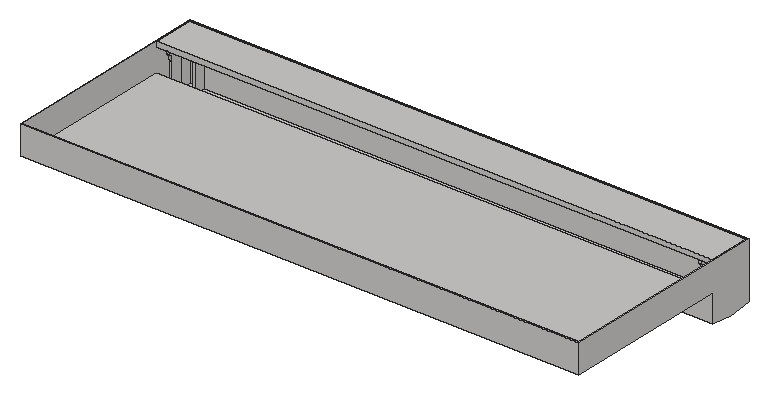
Revit family "PF_ST_RainTrak-E_ACO", category Plumbing Fixtures, Revit 2016
Family settings
  Part Type = Normal
  Round Connector Dimension = Use Diameter
  OmniClass Number = 23.70.50.24
  OmniClass Title = Rainwater Removal
  Work Plane-Based = Yes
  Always vertical = Yes
  Cut with Voids When Loaded = Yes
  Shared = No
  Room Calculation Point = No
Parameters (values of type "RainTrak-E-75mm width")
  width_C_ANZRS [instance] = if(type_index = 1, 75 mm, if(type_index = 2, 100 mm, if(type_index = 3, 123 mm, 0 mm)))  # 75 mm
  type_index = 1
  sill_depth01 [instance] = depth_01_C_ANZRS - channel_depth - 5.3 mm  # 40 mm
  sill_depth [instance] = 50 mm
  region_index = 1  # constant formula
  product_index [instance] = size_lookup(lookup_table_name, "pi", 0, type_index, grating_index)  # 2
  product_assortment_C_ANZRS [instance] = "RainTrak"  # constant formula
  outlet_number [instance] = 1
  outlet_dia [instance] = 50 mm
  min_end_dist [instance] = length_01_C_ANZRS - diameter_calculated  # 949.2 mm
  material_C_ANZRS [instance] = Steel, Stainless
  lookup_table_name [instance] = "RainTrak E"  # constant formula
  length_01_C_ANZRS [instance] = channel_length  # 1000 mm
  gratings [instance] = gratings_RainTrak E : Affiner_grating
  grating_length [instance] = channel_length - 3 mm  # 997 mm
  grating_index [instance] = if(gratings = gm_type1, 1, if(gratings = gm_type2, 2, 0))  # 2
  gm_type2 [instance] = gratings_RainTrak E : Affiner_grating
  gm_type1 [instance] = gratings_RainTrak E : Linéaire_grating
  e-mail sales = "sales@acoaus.com.au"
  e-mail Technical = "sales@acoaus.com.au"
  drain_position_calculated_9 [instance] = if(or(outlet_number = 9, outlet_number > 9), (if(or(drain_position_9 < 0 mm, drain_position_9 = 0 mm), (drain_position_calculated_8 + (1.5 * diameter_calculated)), if(and(drain_position_9 > 0 mm, drain_position_9 < (drain_position_calculated_8 + (1.5 * diameter_calculated)) + 0.1 mm), (drain_position_calculated_8 + (1.5 * diameter_calculated)), if(and(drain_position_9 > (drain_position_calculated_8 + (1.5 * diameter_calculated)), drain_position_9 < min_end_dist + 0.1 mm), drain_position_9, if(and(drain_position_9 > (drain_position_calculated_8 + (1.5 * diameter_calculated)), drain_position_9 < length_01_C_ANZRS), min_end_dist, (if(or(drain_position_9 > length_01_C_ANZRS, drain_position_9 = length_01_C_ANZRS), min_end_dist, drain_position_9 - diameter_calculated))))))), length_01_C_ANZRS + 100 mm)  # 1100 mm
  drain_position_calculated_8 [instance] = if(or(outlet_number = 8, outlet_number > 8), (if(or(drain_position_8 < 0 mm, drain_position_8 = 0 mm), (drain_position_calculated_7 + (1.5 * diameter_calculated)), if(and(drain_position_8 > 0 mm, drain_position_8 < (drain_position_calculated_7 + (1.5 * diameter_calculated)) + 0.1 mm), (drain_position_calculated_7 + (1.5 * diameter_calculated)), if(and(drain_position_8 > (drain_position_calculated_7 + (1.5 * diameter_calculated)), drain_position_8 < min_end_dist + 0.1 mm), drain_position_8, if(and(drain_position_8 > (drain_position_calculated_7 + (1.5 * diameter_calculated)), drain_position_8 < length_01_C_ANZRS), min_end_dist, (if(or(drain_position_8 > length_01_C_ANZRS, drain_position_8 = length_01_C_ANZRS), min_end_dist, drain_position_8 - diameter_calculated))))))), length_01_C_ANZRS + 100 mm)  # 1100 mm
  drain_position_calculated_7 [instance] = if(or(outlet_number = 7, outlet_number > 7), (if(or(drain_position_7 < 0 mm, drain_position_7 = 0 mm), (drain_position_calculated_6 + (1.5 * diameter_calculated)), if(and(drain_position_7 > 0 mm, drain_position_7 < (drain_position_calculated_6 + (1.5 * diameter_calculated)) + 0.1 mm), (drain_position_calculated_6 + (1.5 * diameter_calculated)), if(and(drain_position_7 > (drain_position_calculated_6 + (1.5 * diameter_calculated)), drain_position_7 < min_end_dist + 0.1 mm), drain_position_7, if(and(drain_position_7 > (drain_position_calculated_6 + (1.5 * diameter_calculated)), drain_position_7 < length_01_C_ANZRS), min_end_dist, (if(or(drain_position_7 > length_01_C_ANZRS, drain_position_7 = length_01_C_ANZRS), min_end_dist, drain_position_7 - diameter_calculated))))))), length_01_C_ANZRS + 100 mm)  # 1100 mm
  drain_position_calculated_6 [instance] = if(or(outlet_number = 6, outlet_number > 6), (if(or(drain_position_6 < 0 mm, drain_position_6 = 0 mm), (drain_position_calculated_5 + (1.5 * diameter_calculated)), if(and(drain_position_6 > 0 mm, drain_position_6 < (drain_position_calculated_5 + (1.5 * diameter_calculated)) + 0.1 mm), (drain_position_calculated_5 + (1.5 * diameter_calculated)), if(and(drain_position_6 > (drain_position_calculated_5 + (1.5 * diameter_calculated)), drain_position_6 < min_end_dist + 0.1 mm), drain_position_6, if(and(drain_position_6 > (drain_position_calculated_5 + (1.5 * diameter_calculated)), drain_position_6 < length_01_C_ANZRS), min_end_dist, (if(or(drain_position_6 > length_01_C_ANZRS, drain_position_6 = length_01_C_ANZRS), min_end_dist, drain_position_6 - diameter_calculated))))))), length_01_C_ANZRS + 100 mm)  # 1100 mm
  drain_position_calculated_5 [instance] = if(or(outlet_number = 5, outlet_number > 5), (if(or(drain_position_5 < 0 mm, drain_position_5 = 0 mm), (drain_position_calculated_4 + (1.5 * diameter_calculated)), if(and(drain_position_5 > 0 mm, drain_position_5 < (drain_position_calculated_4 + (1.5 * diameter_calculated)) + 0.1 mm), (drain_position_calculated_4 + (1.5 * diameter_calculated)), if(and(drain_position_5 > (drain_position_calculated_4 + (1.5 * diameter_calculated)), drain_position_5 < min_end_dist + 0.1 mm), drain_position_5, if(and(drain_position_5 > (drain_position_calculated_4 + (1.5 * diameter_calculated)), drain_position_5 < length_01_C_ANZRS), min_end_dist, (if(or(drain_position_5 > length_01_C_ANZRS, drain_position_5 = length_01_C_ANZRS), min_end_dist, drain_position_5 - diameter_calculated))))))), length_01_C_ANZRS + 100 mm)  # 1100 mm
  drain_position_calculated_4 [instance] = if(or(outlet_number = 4, outlet_number > 4), (if(or(drain_position_4 < 0 mm, drain_position_4 = 0 mm), (drain_position_calculated_3 + (1.5 * diameter_calculated)), if(and(drain_position_4 > 0 mm, drain_position_4 < (drain_position_calculated_3 + (1.5 * diameter_calculated)) + 0.1 mm), (drain_position_calculated_3 + (1.5 * diameter_calculated)), if(and(drain_position_4 > (drain_position_calculated_3 + (1.5 * diameter_calculated)), drain_position_4 < min_end_dist + 0.1 mm), drain_position_4, if(and(drain_position_4 > (drain_position_calculated_3 + (1.5 * diameter_calculated)), drain_position_4 < length_01_C_ANZRS), min_end_dist, (if(or(drain_position_4 > length_01_C_ANZRS, drain_position_4 = length_01_C_ANZRS), min_end_dist, drain_position_4 - diameter_calculated))))))), length_01_C_ANZRS + 100 mm)  # 1100 mm
  drain_position_calculated_30 [instance] = if(or(outlet_number = 30, outlet_number > 30), (if(or(drain_position_30 < 0 mm, drain_position_30 = 0 mm), (drain_position_calculated_29 + (1.5 * diameter_calculated)), if(and(drain_position_30 > 0 mm, drain_position_30 < (drain_position_calculated_29 + (1.5 * diameter_calculated)) + 0.1 mm), (drain_position_calculated_29 + (1.5 * diameter_calculated)), if(and(drain_position_30 > (drain_position_calculated_29 + (1.5 * diameter_calculated)), drain_position_30 < min_end_dist + 0.1 mm), drain_position_30, if(and(drain_position_30 > (drain_position_calculated_29 + (1.5 * diameter_calculated)), drain_position_30 < length_01_C_ANZRS), min_end_dist, (if(or(drain_position_30 > length_01_C_ANZRS, drain_position_30 = length_01_C_ANZRS), min_end_dist, drain_position_30 - diameter_calculated))))))), length_01_C_ANZRS + 100 mm)  # 1100 mm
  drain_position_calculated_3 [instance] = if(or(outlet_number = 3, outlet_number > 3), (if(or(drain_position_3 < 0 mm, drain_position_3 = 0 mm), (drain_position_calculated_2 + (1.5 * diameter_calculated)), if(and(drain_position_3 > 0 mm, drain_position_3 < (drain_position_calculated_2 + (1.5 * diameter_calculated)) + 0.1 mm), (drain_position_calculated_2 + (1.5 * diameter_calculated)), if(and(drain_position_3 > (drain_position_calculated_2 + (1.5 * diameter_calculated)), drain_position_3 < min_end_dist + 0.1 mm), drain_position_3, if(and(drain_position_3 > (drain_position_calculated_2 + (1.5 * diameter_calculated)), drain_position_3 < length_01_C_ANZRS), min_end_dist, (if(or(drain_position_3 > length_01_C_ANZRS, drain_position_3 = length_01_C_ANZRS), min_end_dist, drain_position_3 - diameter_calculated))))))), length_01_C_ANZRS + 100 mm)  # 1100 mm
  drain_position_calculated_29 [instance] = if(or(outlet_number = 29, outlet_number > 29), (if(or(drain_position_29 < 0 mm, drain_position_29 = 0 mm), (drain_position_calculated_28 + (1.5 * diameter_calculated)), if(and(drain_position_29 > 0 mm, drain_position_29 < (drain_position_calculated_28 + (1.5 * diameter_calculated)) + 0.1 mm), (drain_position_calculated_28 + (1.5 * diameter_calculated)), if(and(drain_position_29 > (drain_position_calculated_28 + (1.5 * diameter_calculated)), drain_position_29 < min_end_dist + 0.1 mm), drain_position_29, if(and(drain_position_29 > (drain_position_calculated_28 + (1.5 * diameter_calculated)), drain_position_29 < length_01_C_ANZRS), min_end_dist, (if(or(drain_position_29 > length_01_C_ANZRS, drain_position_29 = length_01_C_ANZRS), min_end_dist, drain_position_29 - diameter_calculated))))))), length_01_C_ANZRS + 100 mm)  # 1100 mm
  drain_position_calculated_28 [instance] = if(or(outlet_number = 28, outlet_number > 28), (if(or(drain_position_28 < 0 mm, drain_position_28 = 0 mm), (drain_position_calculated_27 + (1.5 * diameter_calculated)), if(and(drain_position_28 > 0 mm, drain_position_28 < (drain_position_calculated_27 + (1.5 * diameter_calculated)) + 0.1 mm), (drain_position_calculated_27 + (1.5 * diameter_calculated)), if(and(drain_position_28 > (drain_position_calculated_27 + (1.5 * diameter_calculated)), drain_position_28 < min_end_dist + 0.1 mm), drain_position_28, if(and(drain_position_28 > (drain_position_calculated_27 + (1.5 * diameter_calculated)), drain_position_28 < length_01_C_ANZRS), min_end_dist, (if(or(drain_position_28 > length_01_C_ANZRS, drain_position_28 = length_01_C_ANZRS), min_end_dist, drain_position_28 - diameter_calculated))))))), length_01_C_ANZRS + 100 mm)  # 1100 mm
  drain_position_calculated_27 [instance] = if(or(outlet_number = 27, outlet_number > 27), (if(or(drain_position_27 < 0 mm, drain_position_27 = 0 mm), (drain_position_calculated_26 + (1.5 * diameter_calculated)), if(and(drain_position_27 > 0 mm, drain_position_27 < (drain_position_calculated_26 + (1.5 * diameter_calculated)) + 0.1 mm), (drain_position_calculated_26 + (1.5 * diameter_calculated)), if(and(drain_position_27 > (drain_position_calculated_26 + (1.5 * diameter_calculated)), drain_position_27 < min_end_dist + 0.1 mm), drain_position_27, if(and(drain_position_27 > (drain_position_calculated_26 + (1.5 * diameter_calculated)), drain_position_27 < length_01_C_ANZRS), min_end_dist, (if(or(drain_position_27 > length_01_C_ANZRS, drain_position_27 = length_01_C_ANZRS), min_end_dist, drain_position_27 - diameter_calculated))))))), length_01_C_ANZRS + 100 mm)  # 1100 mm
  drain_position_calculated_26 [instance] = if(or(outlet_number = 26, outlet_number > 26), (if(or(drain_position_26 < 0 mm, drain_position_26 = 0 mm), (drain_position_calculated_25 + (1.5 * diameter_calculated)), if(and(drain_position_26 > 0 mm, drain_position_26 < (drain_position_calculated_25 + (1.5 * diameter_calculated)) + 0.1 mm), (drain_position_calculated_25 + (1.5 * diameter_calculated)), if(and(drain_position_26 > (drain_position_calculated_25 + (1.5 * diameter_calculated)), drain_position_26 < min_end_dist + 0.1 mm), drain_position_26, if(and(drain_position_26 > (drain_position_calculated_25 + (1.5 * diameter_calculated)), drain_position_26 < length_01_C_ANZRS), min_end_dist, (if(or(drain_position_26 > length_01_C_ANZRS, drain_position_26 = length_01_C_ANZRS), min_end_dist, drain_position_26 - diameter_calculated))))))), length_01_C_ANZRS + 100 mm)  # 1100 mm
  drain_position_calculated_25 [instance] = if(or(outlet_number = 25, outlet_number > 25), (if(or(drain_position_25 < 0 mm, drain_position_25 = 0 mm), (drain_position_calculated_24 + (1.5 * diameter_calculated)), if(and(drain_position_25 > 0 mm, drain_position_25 < (drain_position_calculated_24 + (1.5 * diameter_calculated)) + 0.1 mm), (drain_position_calculated_24 + (1.5 * diameter_calculated)), if(and(drain_position_25 > (drain_position_calculated_24 + (1.5 * diameter_calculated)), drain_position_25 < min_end_dist + 0.1 mm), drain_position_25, if(and(drain_position_25 > (drain_position_calculated_24 + (1.5 * diameter_calculated)), drain_position_25 < length_01_C_ANZRS), min_end_dist, (if(or(drain_position_25 > length_01_C_ANZRS, drain_position_25 = length_01_C_ANZRS), min_end_dist, drain_position_25 - diameter_calculated))))))), length_01_C_ANZRS + 100 mm)  # 1100 mm
  drain_position_calculated_24 [instance] = if(or(outlet_number = 24, outlet_number > 24), (if(or(drain_position_24 < 0 mm, drain_position_24 = 0 mm), (drain_position_calculated_23 + (1.5 * diameter_calculated)), if(and(drain_position_24 > 0 mm, drain_position_24 < (drain_position_calculated_23 + (1.5 * diameter_calculated)) + 0.1 mm), (drain_position_calculated_23 + (1.5 * diameter_calculated)), if(and(drain_position_24 > (drain_position_calculated_23 + (1.5 * diameter_calculated)), drain_position_24 < min_end_dist + 0.1 mm), drain_position_24, if(and(drain_position_24 > (drain_position_calculated_23 + (1.5 * diameter_calculated)), drain_position_24 < length_01_C_ANZRS), min_end_dist, (if(or(drain_position_24 > length_01_C_ANZRS, drain_position_24 = length_01_C_ANZRS), min_end_dist, drain_position_24 - diameter_calculated))))))), length_01_C_ANZRS + 100 mm)  # 1100 mm
  drain_position_calculated_23 [instance] = if(or(outlet_number = 23, outlet_number > 23), (if(or(drain_position_23 < 0 mm, drain_position_23 = 0 mm), (drain_position_calculated_22 + (1.5 * diameter_calculated)), if(and(drain_position_23 > 0 mm, drain_position_23 < (drain_position_calculated_22 + (1.5 * diameter_calculated)) + 0.1 mm), (drain_position_calculated_22 + (1.5 * diameter_calculated)), if(and(drain_position_23 > (drain_position_calculated_22 + (1.5 * diameter_calculated)), drain_position_23 < min_end_dist + 0.1 mm), drain_position_23, if(and(drain_position_23 > (drain_position_calculated_22 + (1.5 * diameter_calculated)), drain_position_23 < length_01_C_ANZRS), min_end_dist, (if(or(drain_position_23 > length_01_C_ANZRS, drain_position_23 = length_01_C_ANZRS), min_end_dist, drain_position_23 - diameter_calculated))))))), length_01_C_ANZRS + 100 mm)  # 1100 mm
  drain_position_calculated_22 [instance] = if(or(outlet_number = 22, outlet_number > 22), (if(or(drain_position_22 < 0 mm, drain_position_22 = 0 mm), (drain_position_calculated_21 + (1.5 * diameter_calculated)), if(and(drain_position_22 > 0 mm, drain_position_22 < (drain_position_calculated_21 + (1.5 * diameter_calculated)) + 0.1 mm), (drain_position_calculated_21 + (1.5 * diameter_calculated)), if(and(drain_position_22 > (drain_position_calculated_21 + (1.5 * diameter_calculated)), drain_position_22 < min_end_dist + 0.1 mm), drain_position_22, if(and(drain_position_22 > (drain_position_calculated_21 + (1.5 * diameter_calculated)), drain_position_22 < length_01_C_ANZRS), min_end_dist, (if(or(drain_position_22 > length_01_C_ANZRS, drain_position_22 = length_01_C_ANZRS), min_end_dist, drain_position_22 - diameter_calculated))))))), length_01_C_ANZRS + 100 mm)  # 1100 mm
  drain_position_calculated_21 [instance] = if(or(outlet_number = 21, outlet_number > 21), (if(or(drain_position_21 < 0 mm, drain_position_21 = 0 mm), (drain_position_calculated_20 + (1.5 * diameter_calculated)), if(and(drain_position_21 > 0 mm, drain_position_21 < (drain_position_calculated_20 + (1.5 * diameter_calculated)) + 0.1 mm), (drain_position_calculated_20 + (1.5 * diameter_calculated)), if(and(drain_position_21 > (drain_position_calculated_20 + (1.5 * diameter_calculated)), drain_position_21 < min_end_dist + 0.1 mm), drain_position_21, if(and(drain_position_21 > (drain_position_calculated_20 + (1.5 * diameter_calculated)), drain_position_21 < length_01_C_ANZRS), min_end_dist, (if(or(drain_position_21 > length_01_C_ANZRS, drain_position_21 = length_01_C_ANZRS), min_end_dist, drain_position_21 - diameter_calculated))))))), length_01_C_ANZRS + 100 mm)  # 1100 mm
  drain_position_calculated_20 [instance] = if(or(outlet_number = 20, outlet_number > 20), (if(or(drain_position_20 < 0 mm, drain_position_20 = 0 mm), (drain_position_calculated_19 + (1.5 * diameter_calculated)), if(and(drain_position_20 > 0 mm, drain_position_20 < (drain_position_calculated_19 + (1.5 * diameter_calculated)) + 0.1 mm), (drain_position_calculated_19 + (1.5 * diameter_calculated)), if(and(drain_position_20 > (drain_position_calculated_19 + (1.5 * diameter_calculated)), drain_position_20 < min_end_dist + 0.1 mm), drain_position_20, if(and(drain_position_20 > (drain_position_calculated_19 + (1.5 * diameter_calculated)), drain_position_20 < length_01_C_ANZRS), min_end_dist, (if(or(drain_position_20 > length_01_C_ANZRS, drain_position_20 = length_01_C_ANZRS), min_end_dist, drain_position_20 - diameter_calculated))))))), length_01_C_ANZRS + 100 mm)  # 1100 mm
  drain_position_calculated_2 [instance] = if(or(outlet_number = 2, outlet_number > 2), (if(or(drain_position_2 < 0 mm, drain_position_2 = 0 mm), (drain_position_calculated_1 + (1.5 * diameter_calculated)), if(and(drain_position_2 > 0 mm, drain_position_2 < (drain_position_calculated_1 + (1.5 * diameter_calculated)) + 0.1 mm), (drain_position_calculated_1 + (1.5 * diameter_calculated)), if(and(drain_position_2 > (drain_position_calculated_1 + (1.5 * diameter_calculated)), drain_position_2 < min_end_dist + 0.1 mm), drain_position_2, if(and(drain_position_2 > (drain_position_calculated_1 + (1.5 * diameter_calculated)), drain_position_2 < length_01_C_ANZRS), min_end_dist, (if(or(drain_position_2 > length_01_C_ANZRS, drain_position_2 = length_01_C_ANZRS), min_end_dist, drain_position_2 - diameter_calculated))))))), length_01_C_ANZRS + 100 mm)  # 1100 mm
  drain_position_calculated_19 [instance] = if(or(outlet_number = 19, outlet_number > 19), (if(or(drain_position_19 < 0 mm, drain_position_19 = 0 mm), (drain_position_calculated_18 + (1.5 * diameter_calculated)), if(and(drain_position_19 > 0 mm, drain_position_19 < (drain_position_calculated_18 + (1.5 * diameter_calculated)) + 0.1 mm), (drain_position_calculated_18 + (1.5 * diameter_calculated)), if(and(drain_position_19 > (drain_position_calculated_18 + (1.5 * diameter_calculated)), drain_position_19 < min_end_dist + 0.1 mm), drain_position_19, if(and(drain_position_19 > (drain_position_calculated_18 + (1.5 * diameter_calculated)), drain_position_19 < length_01_C_ANZRS), min_end_dist, (if(or(drain_position_19 > length_01_C_ANZRS, drain_position_19 = length_01_C_ANZRS), min_end_dist, drain_position_19 - diameter_calculated))))))), length_01_C_ANZRS + 100 mm)  # 1100 mm
  drain_position_calculated_18 [instance] = if(or(outlet_number = 18, outlet_number > 18), (if(or(drain_position_18 < 0 mm, drain_position_18 = 0 mm), (drain_position_calculated_17 + (1.5 * diameter_calculated)), if(and(drain_position_18 > 0 mm, drain_position_18 < (drain_position_calculated_17 + (1.5 * diameter_calculated)) + 0.1 mm), (drain_position_calculated_17 + (1.5 * diameter_calculated)), if(and(drain_position_18 > (drain_position_calculated_17 + (1.5 * diameter_calculated)), drain_position_18 < min_end_dist + 0.1 mm), drain_position_18, if(and(drain_position_18 > (drain_position_calculated_17 + (1.5 * diameter_calculated)), drain_position_18 < length_01_C_ANZRS), min_end_dist, (if(or(drain_position_18 > length_01_C_ANZRS, drain_position_18 = length_01_C_ANZRS), min_end_dist, drain_position_18 - diameter_calculated))))))), length_01_C_ANZRS + 100 mm)  # 1100 mm
  drain_position_calculated_17 [instance] = if(or(outlet_number = 17, outlet_number > 17), (if(or(drain_position_17 < 0 mm, drain_position_17 = 0 mm), (drain_position_calculated_16 + (1.5 * diameter_calculated)), if(and(drain_position_17 > 0 mm, drain_position_17 < (drain_position_calculated_16 + (1.5 * diameter_calculated)) + 0.1 mm), (drain_position_calculated_16 + (1.5 * diameter_calculated)), if(and(drain_position_17 > (drain_position_calculated_16 + (1.5 * diameter_calculated)), drain_position_17 < min_end_dist + 0.1 mm), drain_position_17, if(and(drain_position_17 > (drain_position_calculated_16 + (1.5 * diameter_calculated)), drain_position_17 < length_01_C_ANZRS), min_end_dist, (if(or(drain_position_17 > length_01_C_ANZRS, drain_position_17 = length_01_C_ANZRS), min_end_dist, drain_position_17 - diameter_calculated))))))), length_01_C_ANZRS + 100 mm)  # 1100 mm
  drain_position_calculated_16 [instance] = if(or(outlet_number = 16, outlet_number > 16), (if(or(drain_position_16 < 0 mm, drain_position_16 = 0 mm), (drain_position_calculated_15 + (1.5 * diameter_calculated)), if(and(drain_position_16 > 0 mm, drain_position_16 < (drain_position_calculated_15 + (1.5 * diameter_calculated)) + 0.1 mm), (drain_position_calculated_15 + (1.5 * diameter_calculated)), if(and(drain_position_16 > (drain_position_calculated_15 + (1.5 * diameter_calculated)), drain_position_16 < min_end_dist + 0.1 mm), drain_position_16, if(and(drain_position_16 > (drain_position_calculated_15 + (1.5 * diameter_calculated)), drain_position_16 < length_01_C_ANZRS), min_end_dist, (if(or(drain_position_16 > length_01_C_ANZRS, drain_position_16 = length_01_C_ANZRS), min_end_dist, drain_position_16 - diameter_calculated))))))), length_01_C_ANZRS + 100 mm)  # 1100 mm
  drain_position_calculated_15 [instance] = if(or(outlet_number = 15, outlet_number > 15), (if(or(drain_position_15 < 0 mm, drain_position_15 = 0 mm), (drain_position_calculated_14 + (1.5 * diameter_calculated)), if(and(drain_position_15 > 0 mm, drain_position_15 < (drain_position_calculated_14 + (1.5 * diameter_calculated)) + 0.1 mm), (drain_position_calculated_14 + (1.5 * diameter_calculated)), if(and(drain_position_15 > (drain_position_calculated_14 + (1.5 * diameter_calculated)), drain_position_15 < min_end_dist + 0.1 mm), drain_position_15, if(and(drain_position_15 > (drain_position_calculated_14 + (1.5 * diameter_calculated)), drain_position_15 < length_01_C_ANZRS), min_end_dist, (if(or(drain_position_15 > length_01_C_ANZRS, drain_position_15 = length_01_C_ANZRS), min_end_dist, drain_position_15 - diameter_calculated))))))), length_01_C_ANZRS + 100 mm)  # 1100 mm
  drain_position_calculated_14 [instance] = if(or(outlet_number = 14, outlet_number > 14), (if(or(drain_position_14 < 0 mm, drain_position_14 = 0 mm), (drain_position_calculated_13 + (1.5 * diameter_calculated)), if(and(drain_position_14 > 0 mm, drain_position_14 < (drain_position_calculated_13 + (1.5 * diameter_calculated)) + 0.1 mm), (drain_position_calculated_13 + (1.5 * diameter_calculated)), if(and(drain_position_14 > (drain_position_calculated_13 + (1.5 * diameter_calculated)), drain_position_14 < min_end_dist + 0.1 mm), drain_position_14, if(and(drain_position_14 > (drain_position_calculated_13 + (1.5 * diameter_calculated)), drain_position_14 < length_01_C_ANZRS), min_end_dist, (if(or(drain_position_14 > length_01_C_ANZRS, drain_position_14 = length_01_C_ANZRS), min_end_dist, drain_position_14 - diameter_calculated))))))), length_01_C_ANZRS + 100 mm)  # 1100 mm
  drain_position_calculated_13 [instance] = if(or(outlet_number = 13, outlet_number > 13), (if(or(drain_position_13 < 0 mm, drain_position_13 = 0 mm), (drain_position_calculated_12 + (1.5 * diameter_calculated)), if(and(drain_position_13 > 0 mm, drain_position_13 < (drain_position_calculated_12 + (1.5 * diameter_calculated)) + 0.1 mm), (drain_position_calculated_12 + (1.5 * diameter_calculated)), if(and(drain_position_13 > (drain_position_calculated_12 + (1.5 * diameter_calculated)), drain_position_13 < min_end_dist + 0.1 mm), drain_position_13, if(and(drain_position_13 > (drain_position_calculated_12 + (1.5 * diameter_calculated)), drain_position_13 < length_01_C_ANZRS), min_end_dist, (if(or(drain_position_13 > length_01_C_ANZRS, drain_position_13 = length_01_C_ANZRS), min_end_dist, drain_position_13 - diameter_calculated))))))), length_01_C_ANZRS + 100 mm)  # 1100 mm
  drain_position_calculated_12 [instance] = if(or(outlet_number = 12, outlet_number > 12), (if(or(drain_position_12 < 0 mm, drain_position_12 = 0 mm), (drain_position_calculated_11 + (1.5 * diameter_calculated)), if(and(drain_position_12 > 0 mm, drain_position_12 < (drain_position_calculated_11 + (1.5 * diameter_calculated)) + 0.1 mm), (drain_position_calculated_11 + (1.5 * diameter_calculated)), if(and(drain_position_12 > (drain_position_calculated_11 + (1.5 * diameter_calculated)), drain_position_12 < min_end_dist + 0.1 mm), drain_position_12, if(and(drain_position_12 > (drain_position_calculated_11 + (1.5 * diameter_calculated)), drain_position_12 < length_01_C_ANZRS), min_end_dist, (if(or(drain_position_12 > length_01_C_ANZRS, drain_position_12 = length_01_C_ANZRS), min_end_dist, drain_position_12 - diameter_calculated))))))), length_01_C_ANZRS + 100 mm)  # 1100 mm
  drain_position_calculated_11 [instance] = if(or(outlet_number = 11, outlet_number > 11), (if(or(drain_position_11 < 0 mm, drain_position_11 = 0 mm), (drain_position_calculated_10 + (1.5 * diameter_calculated)), if(and(drain_position_11 > 0 mm, drain_position_11 < (drain_position_calculated_10 + (1.5 * diameter_calculated)) + 0.1 mm), (drain_position_calculated_10 + (1.5 * diameter_calculated)), if(and(drain_position_11 > (drain_position_calculated_10 + (1.5 * diameter_calculated)), drain_position_11 < min_end_dist + 0.1 mm), drain_position_11, if(and(drain_position_11 > (drain_position_calculated_10 + (1.5 * diameter_calculated)), drain_position_11 < length_01_C_ANZRS), min_end_dist, (if(or(drain_position_11 > length_01_C_ANZRS, drain_position_11 = length_01_C_ANZRS), min_end_dist, drain_position_11 - diameter_calculated))))))), length_01_C_ANZRS + 100 mm)  # 1100 mm
  drain_position_calculated_10 [instance] = if(or(outlet_number = 10, outlet_number > 10), (if(or(drain_position_10 < 0 mm, drain_position_10 = 0 mm), (drain_position_calculated_9 + (1.5 * diameter_calculated)), if(and(drain_position_10 > 0 mm, drain_position_10 < (drain_position_calculated_9 + (1.5 * diameter_calculated)) + 0.1 mm), (drain_position_calculated_9 + (1.5 * diameter_calculated)), if(and(drain_position_10 > (drain_position_calculated_9 + (1.5 * diameter_calculated)), drain_position_10 < min_end_dist + 0.1 mm), drain_position_10, if(and(drain_position_10 > (drain_position_calculated_9 + (1.5 * diameter_calculated)), drain_position_10 < length_01_C_ANZRS), min_end_dist, (if(or(drain_position_10 > length_01_C_ANZRS, drain_position_10 = length_01_C_ANZRS), min_end_dist, drain_position_10 - diameter_calculated))))))), length_01_C_ANZRS + 100 mm)  # 1100 mm
  drain_position_calculated_1 [instance] = (if(or(drain_position_1 < 0 mm, drain_position_1 = 0 mm), diameter_calculated, if(and(drain_position_1 > 0 mm, drain_position_1 < diameter_calculated + 0.1 mm), diameter_calculated, if(and(drain_position_1 > diameter_calculated, drain_position_1 < min_end_dist + 0.1 mm), drain_position_1, if(and(drain_position_1 > diameter_calculated, drain_position_1 < length_01_C_ANZRS), min_end_dist, (if(or(drain_position_1 > length_01_C_ANZRS, drain_position_1 = length_01_C_ANZRS), min_end_dist, drain_position_1 - diameter_calculated)))))))  # 800 mm
  drain_position_9 [instance] = 1600 mm
  drain_position_8 [instance] = 1400 mm
  drain_position_7 [instance] = 1200 mm
  drain_position_6 [instance] = 1000 mm
  drain_position_5 [instance] = 800 mm
  drain_position_4 [instance] = 600 mm
  drain_position_30 [instance] = 6000 mm
  drain_position_3 [instance] = 400 mm
  drain_position_29 [instance] = 5800 mm
  drain_position_28 [instance] = 5600 mm
  drain_position_27 [instance] = 5400 mm
  drain_position_26 [instance] = 5200 mm
  drain_position_25 [instance] = 5000 mm
  drain_position_24 [instance] = 4800 mm
  drain_position_23 [instance] = 4400 mm
  drain_position_22 [instance] = 4200 mm
  drain_position_21 [instance] = 4000 mm
  drain_position_20 [instance] = 3800 mm
  drain_position_2 [instance] = 200 mm
  drain_position_19 [instance] = 3600 mm
  drain_position_18 [instance] = 3400 mm
  drain_position_17 [instance] = 3200 mm
  drain_position_16 [instance] = 3000 mm
  drain_position_15 [instance] = 2800 mm
  drain_position_14 [instance] = 2600 mm
  drain_position_13 [instance] = 2400 mm
  drain_position_12 [instance] = 2200 mm
  drain_position_11 [instance] = 2000 mm
  drain_position_10 [instance] = 1800 mm
  d6 = 101.6 mm  # constant formula
  d5 = 88.9 mm  # constant formula
  d4 = 76.2 mm  # constant formula
  d1 = 38.1 mm  # constant formula
  d2 = 50.8 mm  # constant formula
  d3 = 63.5 mm  # constant formula
  diameter_calculated [instance] = if(type_index = 1, D1_calculated, if(type_index = 2, D2_calculated, if(type_index = 3, D3_calculated, D3_calculated)))  # 50.8 mm
  WARNING! [instance] = "Position of the maximum number of outlet should not exceed the length of the channel"  # constant formula
  NOTE [instance] = "Position of the additional outlet is always towards the right side of the previous outlet"  # constant formula
  Default Elevation = 1219.2 mm
  D1_calculated [instance] = if(or(outlet_dia < d1, outlet_dia = d1), d1, if(and(outlet_dia > d1, outlet_dia < d2), d2, if(or(outlet_dia < d2, outlet_dia = d2), d2, if(and(outlet_dia > d2, outlet_dia < d3), d3, if(and(outlet_dia > d3, outlet_dia < d4), d3, if(or(outlet_dia = d3, outlet_dia > d3), d3, d3))))))  # 50.8 mm
  D2_calculated [instance] = if(or(outlet_dia < d1, outlet_dia = d1), d1, if(and(outlet_dia > d1, outlet_dia < d2), d2, if(or(outlet_dia < d2, outlet_dia = d2), d2, if(and(outlet_dia > d2, outlet_dia < d3), d3, if(or(outlet_dia < d3, outlet_dia = d3), d3, if(and(outlet_dia > d3, outlet_dia < d4), d4, if(or(outlet_dia < d4, outlet_dia = d4), d4, if(and(outlet_dia > d4, outlet_dia < d5), d5, if(or(outlet_dia < d5, outlet_dia = d5), d5, d5)))))))))  # 50.8 mm
  D3_calculated [instance] = if(or(outlet_dia < d1, outlet_dia = d1), d1, if(and(outlet_dia > d1, outlet_dia < d2), d2, if(or(outlet_dia < d2, outlet_dia = d2), d2, if(and(outlet_dia > d2, outlet_dia < d3), d3, if(or(outlet_dia < d3, outlet_dia = d3), d3, if(and(outlet_dia > d3, outlet_dia < d4), d4, if(or(outlet_dia < d4, outlet_dia = d4), d4, if(and(outlet_dia > d4, outlet_dia < d5), d5, if(or(outlet_dia < d5, outlet_dia = d5), d5, if(and(outlet_dia > d5, outlet_dia < d6), d6, if(or(outlet_dia = d6, outlet_dia > d6), d6, d6)))))))))))  # 50.8 mm
  description_C_ANZRS [instance] = if(product_index = 1, "ACO RainTrak-E 75mm wide with Linéaire grate (nominal)", if(product_index = 2, "ACO RainTrak-E 75mm wide with Affiner grate (nominal)", if(product_index = 3, "ACO RainTrak-E 100mm wide with Linéaire grate (nominal)", if(product_index = 4, "ACO RainTrak-E 100mm wide with Affiner grate (nominal)", if(product_index = 5, "ACO RainTrak-E 123mm wide with Linéaire grate (nominal)", if(product_index = 6, "ACO RainTrak-E 123mm wide with Affiner grate (nominal)", "Not available"))))))  # "ACO RainTrak-E 75mm wide with Affiner grate (nominal)"
  depth_calculated02 [instance] = if(or(sill_depth < 20 mm, sill_depth = 20 mm), 20 mm, if(and(sill_depth > 20 mm, sill_depth < 71 mm), sill_depth, if(or(sill_depth = 70 mm, sill_depth > 70 mm), 70 mm, 70 mm)))  # 50 mm
  depth_calculated01 [instance] = if(or(channel_depth < 20 mm, channel_depth = 20 mm), 20 mm, if(and(channel_depth > 20 mm, channel_depth < 51 mm), channel_depth, if(or(channel_depth = 50 mm, channel_depth > 50 mm), 50 mm, 50 mm)))  # 50 mm
  depth_03_C_ANZRS [instance] = depth_calculated02  # 50 mm
  depth_02_C_ANZRS [instance] = depth_calculated01  # 50 mm
  depth_01_C_ANZRS [instance] = depth_03_C_ANZRS + depth_02_C_ANZRS + 5.3 mm  # 105.3 mm
  content_date_changed_C_ANZRS = ""
  content_creator_C_ANZRS = "ACO Technology Centre, INDIA"  # constant formula
  code_article_C_ANZRS [instance] = size_lookup(lookup_table_name, "", "Not available", type_index, grating_index)  # "RTE75A"
  channel_length [instance] = 1000 mm
  channel_depth [instance] = 60 mm
  Product_page_URL = "http://www.acobuildline.com.au/products/product-range-overview/raintrak/"
  Product_brochure = "http://www.acobuildline.com.au/product-support/downloads"
  Maintenance guidelines = "http://www.acobuildline.com.au/product-support/downloads"
  sill_length [instance] = 350 mm
  sill_length_calculated [instance] = if(or(sill_length < 100 mm, sill_length = 100 mm), 100 mm, if(and(sill_length > 100 mm, sill_length < 301 mm), sill_length, if(or(sill_length = 300 mm, sill_length > 300 mm), 300 mm, 300 mm)))  # 300 mm
  Installation guidelines = "http://www.acobuildline.com.au/product-support/downloads"
  drain_position_1 [instance] = 800 mm
  URL = "www.acobuildline.com.au"
  Telephone = " +61 2 4747 4000"  # constant formula
  Model = "RainTrak"  # constant formula
  Manufacturer = "ACO Pty Ltd"  # constant formula
  IfcExportType = "USERDEFINED"  # constant formula
  IfcExportAs = "IfcWasteTerminalType"  # constant formula
  IfcDescription = Description  # "Threshold door drainage"
  Fax = " +61 2 4747 4040"  # constant formula
  Description = "Threshold door drainage"  # constant formula
  Assembly Code = ""
  Address = "134-140 Old Bathurst Road, Emu Plains, NSW 2750, Australia"  # constant formula
Reference planes
  plane 1 "Center (Front/Back)": y = 0
  plane 2: z = 0
  plane 3 "Center (Left/Right)": x = 0
  plane 4: y = 37.5
  plane 5: y = -37.5
  plane 6 "connector_plane": z = -105.3
  plane 7: x = 1000
  plane 8: x = 1000
  plane 9: z = -50
  plane 10: y = -337.5
Forms (mm)
  Extrusion 1, void
    sketch origin (0, 0, -105.3) x (0, 1, 0) y (-1, 0, 0)
      loop
        circle (0.121, -800) r 25.4
    from 4.179 to 0
  Extrusion 2, solid, material "Steel, Stainless" <- "material_C_ANZRS"
    sketch origin (0, 0, 0.441) x (0, 1, 0) y (0, 0, 1)
      loop
        line (39.5, -0.441) -> (37.5, -0.441) -> (37.5, -100.596) -> (0, -104.534) -> (-37.5, -100.441) -> (-37.5, -50.441) -> (-337.5, -50.441) -> (-337.5, -0.441) -> (-339.5, -0.441) -> (-339.5, -51.941) -> (-39.721, -51.941) -> (-39.721, -101.562) -> (0, -105.741) -> (39.5, -101.593) -> (39.5, -0.441)
    from 0 to 1000
  Extrusion 3, solid, material "Steel, Stainless" <- "material_C_ANZRS"
    sketch origin (0, 0, 0) x (0, 1, 0) y (0, 0, 1)
      loop
        line (37.5, -100.155) -> (37.5, 0) -> (-337.5, 0) -> (-337.5, -50) -> (-37.5, -50) -> (-37.5, -100) -> (0, -104.093) -> (37.5, -100.155)
    from 0 to 1.5
  Extrusion 4, solid, material "Steel, Stainless" <- "material_C_ANZRS"
    sketch origin (0, 0, 0) x (0, 1, 0) y (0, 0, 1)
      loop
        line (37.5, -100.155) -> (37.5, 0) -> (-337.5, 0) -> (-337.5, -50) -> (-37.5, -50) -> (-37.5, -100) -> (0, -104.093) -> (37.5, -100.155)
    from 998.5 to 1000
  Extrusion 5, void
    sketch origin (0, 0, -105.3) x (0, 1, 0) y (-1, 0, 0)
      loop
        circle (0, -1100) r 25.4
    from 0 to 4.179
  Extrusion 6, void
    sketch origin (0, 0, -105.3) x (0, 1, 0) y (-1, 0, 0)
      loop
        circle (0, -1100) r 25.4
    from 0 to 4.179
  Extrusion 7, void
    sketch origin (0, 0, -105.3) x (0, 1, 0) y (-1, 0, 0)
      loop
        circle (0, -1100) r 25.4
    from 0 to 4.179
  Extrusion 8, void
    sketch origin (0, 0, -105.3) x (0, 1, 0) y (-1, 0, 0)
      loop
        circle (0, -1100) r 25.4
    from 0 to 4.179
  Extrusion 9, void
    sketch origin (0, 0, -105.3) x (0, 1, 0) y (-1, 0, 0)
      loop
        circle (0, -1100) r 25.4
    from 0 to 4.179
  Extrusion 10, void
    sketch origin (0, 0, -105.3) x (0, 1, 0) y (-1, 0, 0)
      loop
        circle (0, -1100) r 25.4
    from 0 to 4.179
  Extrusion 11, void
    sketch origin (0, 0, -105.3) x (0, 1, 0) y (-1, 0, 0)
      loop
        circle (0, -1100) r 25.4
    from 0 to 4.179
  Extrusion 12, void
    sketch origin (0, 0, -105.3) x (0, 1, 0) y (-1, 0, 0)
      loop
        circle (0, -1100) r 25.4
    from 0 to 4.179
  Extrusion 13, void
    sketch origin (0, 0, -105.3) x (0, 1, 0) y (-1, 0, 0)
      loop
        circle (0, -1100) r 25.4
    from 0 to 4.179
  Extrusion 14, void
    sketch origin (0, 0, -105.3) x (0, 1, 0) y (-1, 0, 0)
      loop
        circle (0, -1100) r 25.4
    from 0 to 4.179
  Extrusion 15, void
    sketch origin (0, 0, -105.3) x (0, 1, 0) y (-1, 0, 0)
      loop
        circle (0, -1100) r 25.4
    from 0 to 4.179
  Extrusion 16, void
    sketch origin (0, 0, -105.3) x (0, 1, 0) y (-1, 0, 0)
      loop
        circle (0, -1100) r 25.4
    from 0 to 4.179
  Extrusion 17, void
    sketch origin (0, 0, -105.3) x (0, 1, 0) y (-1, 0, 0)
      loop
        circle (0, -1100) r 25.4
    from 0 to 4.179
  Extrusion 18, void
    sketch origin (0, 0, -105.3) x (0, 1, 0) y (-1, 0, 0)
      loop
        circle (0, -1100) r 25.4
    from 0 to 4.179
  Extrusion 19, void
    sketch origin (0, 0, -105.3) x (0, 1, 0) y (-1, 0, 0)
      loop
        circle (0, -1100) r 25.4
    from 0 to 4.179
  Extrusion 20, void
    sketch origin (0, 0, -105.3) x (0, 1, 0) y (-1, 0, 0)
      loop
        circle (0, -1100) r 25.4
    from 0 to 4.179
  Extrusion 21, void
    sketch origin (0, 0, -105.3) x (0, 1, 0) y (-1, 0, 0)
      loop
        circle (0, -1100) r 25.4
    from 0 to 4.179
  Extrusion 22, void
    sketch origin (0, 0, -105.3) x (0, 1, 0) y (-1, 0, 0)
      loop
        circle (0, -1100) r 25.4
    from 0 to 4.179
  Extrusion 23, void
    sketch origin (1370.671, 0, 0) x (1, 0, 0) y (0, 1, 0)
      loop
        circle (-270.671, 0) r 25.4
    from -105.3 to -101.121
  Extrusion 24, void
    sketch origin (0, 0, -105.3) x (0, 1, 0) y (-1, 0, 0)
      loop
        circle (0, -1100) r 25.4
    from 0 to 4.179
  Extrusion 25, void
    sketch origin (0, 0, -105.3) x (0, 1, 0) y (-1, 0, 0)
      loop
        circle (0, -1100) r 25.4
    from 0 to 4.179
  Extrusion 26, void
    sketch origin (0, 0, -105.3) x (0, 1, 0) y (-1, 0, 0)
      loop
        circle (0, -1100) r 25.4
    from 0 to 4.179
  Extrusion 27, void
    sketch origin (0, 0, -105.3) x (0, 1, 0) y (-1, 0, 0)
      loop
        circle (0, -1100) r 25.4
    from 0 to 4.179
  Extrusion 28, void
    sketch origin (0, 0, -105.3) x (0, 1, 0) y (-1, 0, 0)
      loop
        circle (0, -1100) r 25.4
    from 0 to 4.179
  Extrusion 29, void
    sketch origin (0, 0, -105.3) x (0, 1, 0) y (-1, 0, 0)
      loop
        circle (0, -1100) r 25.4
    from 0 to 4.179
  Extrusion 30, void
    sketch origin (0, 0, -105.3) x (0, 1, 0) y (-1, 0, 0)
      loop
        circle (0, -1100) r 25.4
    from 0 to 4.179
  Extrusion 31, void
    sketch origin (0, 0, -105.3) x (0, 1, 0) y (-1, 0, 0)
      loop
        circle (0, -1100) r 25.4
    from 0 to 4.179
  Extrusion 32, void
    sketch origin (0, 0, -105.3) x (0, 1, 0) y (-1, 0, 0)
      loop
        circle (0, -1100) r 25.4
    from 0 to 4.179
  Extrusion 33, void
    sketch origin (0, 0, -105.3) x (0, 1, 0) y (-1, 0, 0)
      loop
        circle (0, -1100) r 25.4
    from 0 to 4.179
  Extrusion 34, void
    sketch origin (60, -140, 0) x (1, 0, 0) y (0, 1, 0)
      loop
        line (-60, 179.5) -> (-60, -199.5) -> (940, -199.5) -> (940, 179.5) -> (-60, 179.5)
    from -105.3 to 0
Cuts and joins
  Extrusion 1, Extrusion 5, Extrusion 6, Extrusion 7, Extrusion 8, Extrusion 9, Extrusion 10, Extrusion 11, Extrusion 12, Extrusion 13, Extrusion 14, Extrusion 15, Extrusion 16, Extrusion 17, Extrusion 18, Extrusion 19, Extrusion 20, Extrusion 21, Extrusion 22, Extrusion 23, Extrusion 24, Extrusion 25, Extrusion 26, Extrusion 27, Extrusion 28, Extrusion 29, Extrusion 30, Extrusion 31, Extrusion 32, Extrusion 33 cuts Extrusion 2
  Extrusion 6, Extrusion 7, Extrusion 8, Extrusion 9, Extrusion 10 cuts Extrusion 3
  Extrusion 6, Extrusion 7, Extrusion 8, Extrusion 9, Extrusion 10 cuts Extrusion 4
  joined: Extrusion 2, Extrusion 3, Extrusion 4
Lines and regions (mm)
  reference lines
    curve 1: line (800, 0, -105.3) -> (800, 0, -90.3)
    curve 2: line (1100, 0, -105.3) -> (1100, 0, -90.3)
    curve 3: line (1100, 0, -105.3) -> (1100, 0, -90.3)
    curve 4: line (1100, 0, -105.3) -> (1100, 0, -90.3)
    curve 5: line (1100, 0, -105.3) -> (1100, 0, -90.3)
    curve 6: line (1100, 0, -105.3) -> (1100, 0, -90.3)
    curve 7: line (1100, 0, -105.3) -> (1100, 0, -90.3)
    curve 8: line (1100, 0, -105.3) -> (1100, 0, -90.3)
    curve 9: line (1100, 0, -105.3) -> (1100, 0, -90.3)
    curve 10: line (1100, 0, -105.3) -> (1100, 0, -90.3)
    curve 11: line (1100, 0, -105.3) -> (1100, 0, -90.3)
    curve 12: line (1100, 0, -105.3) -> (1100, 0, -90.3)
    curve 13: line (1100, 0, -105.3) -> (1100, 0, -90.3)
    curve 14: line (1100, 0, -105.3) -> (1100, 0, -90.3)
    curve 15: line (1100, 0, -105.3) -> (1100, 0, -90.3)
    curve 16: line (1100, 0, -105.3) -> (1100, 0, -90.3)
    curve 17: line (1100, 0, -105.3) -> (1100, 0, -90.3)
    curve 18: line (1100, 0, -105.3) -> (1100, 0, -90.3)
    curve 19: line (1100, 0, -105.3) -> (1100, 0, -90.3)
    curve 20: line (1100, 0, -105.3) -> (1100, 0, -90.3)
    curve 21: line (1100, 0, -105.3) -> (1100, 0, -90.3)
    curve 22: line (1100, 0, -105.3) -> (1100, 0, -90.3)
    curve 23: line (1100, 0, -105.3) -> (1100, 0, -90.3)
    curve 24: line (1100, 0, -105.3) -> (1100, 0, -90.3)
    curve 25: line (1100, 0, -105.3) -> (1100, 0, -90.3)
    curve 26: line (1100, 0, -105.3) -> (1100, 0, -90.3)
    curve 27: line (1100, 0, -105.3) -> (1100, 0, -90.3)
    curve 28: line (1100, 0, -105.3) -> (1100, 0, -90.3)
    curve 29: line (1100, 0, -105.3) -> (1100, 0, -90.3)
    curve 30: line (1100, 0, -105.3) -> (1100, 0, -90.3)
Dimensions and locks
  equal spacing: plane 4, plane 1 "Center (Front/Back)", plane 5
  "drain_position_calculated_1": plane 3 "Center (Left/Right)" to Extrusion 1 sketch curve
  "depth_01_C_ANZRS": level to plane 6 "connector_plane"
  locked: Extrusion 2 sketch curve to plane 6 "connector_plane" at 4.179
  "width_C_ANZRS": plane 4 to plane 5
  "drain_position_calculated_1": curve 1 to plane 3 "Center (Left/Right)"
  "depth_01_C_ANZRS": level to Extrusion 2 sketch curve
  locked: Extrusion 3 to plane 3 "Center (Left/Right)" at 1.5
  locked: Extrusion 4 to Extrusion 4 at 1.5
  locked: Extrusion 2 sketch curve to Extrusion 2 sketch curve at 2.235
  locked: Extrusion 2 sketch curve to Extrusion 2 sketch curve at 2.488
  "channel_length": plane 3 "Center (Left/Right)" to plane 7
  "length_01_C_ANZRS": plane 3 "Center (Left/Right)" to plane 8
  "depth_03_C_ANZRS": plane 2 to plane 9
  locked: cut or joined group 1 (Extrusion 1, Extrusion 2, Extrusion 3, Extrusion 4, Extrusion 5, Extrusion 6, Extrusion 7, Extrusion 8, Extrusion 9, Extrusion 10, Extrusion 11, Extrusion 12, Extrusion 13, Extrusion 14, Extrusion 15, Extrusion 16, Extrusion 17, Extrusion 18, Extrusion 19, Extrusion 20, Extrusion 21, Extrusion 22, Extrusion 23, Extrusion 24, Extrusion 25, Extrusion 26, Extrusion 27, Extrusion 28, Extrusion 29, Extrusion 30, Extrusion 31, Extrusion 32, Extrusion 33) to cut or joined group 1 at 1.5
  locked: cut or joined group 1 to cut or joined group 1 at 2
  "depth_02_C_ANZRS": plane 9 to Extrusion 2 sketch curve
  "sill_length_calculated": plane 5 to plane 10
  "drain_position_calculated_2": plane 3 "Center (Left/Right)" to Extrusion 5 sketch curve
  "drain_position_calculated_3": plane 3 "Center (Left/Right)" to Extrusion 6 sketch curve
  "drain_position_calculated_4": plane 3 "Center (Left/Right)" to Extrusion 7 sketch curve
  "drain_position_calculated_5": plane 3 "Center (Left/Right)" to Extrusion 8 sketch curve
  "drain_position_calculated_6": plane 3 "Center (Left/Right)" to Extrusion 9 sketch curve
  "drain_position_calculated_7": plane 3 "Center (Left/Right)" to Extrusion 10 sketch curve
  "drain_position_calculated_8": plane 3 "Center (Left/Right)" to Extrusion 11 sketch curve
  "drain_position_calculated_9": plane 3 "Center (Left/Right)" to Extrusion 12 sketch curve
  "drain_position_calculated_10": plane 3 "Center (Left/Right)" to Extrusion 13 sketch curve
  "drain_position_calculated_11": plane 3 "Center (Left/Right)" to Extrusion 14 sketch curve
  "drain_position_calculated_12": plane 3 "Center (Left/Right)" to Extrusion 15 sketch curve
  "drain_position_calculated_13": plane 3 "Center (Left/Right)" to Extrusion 16 sketch curve
  "drain_position_calculated_14": plane 3 "Center (Left/Right)" to Extrusion 17 sketch curve
  "drain_position_calculated_15": plane 3 "Center (Left/Right)" to Extrusion 18 sketch curve
  "drain_position_calculated_16": plane 3 "Center (Left/Right)" to Extrusion 19 sketch curve
  "drain_position_calculated_17": plane 3 "Center (Left/Right)" to Extrusion 20 sketch curve
  "drain_position_calculated_18": plane 3 "Center (Left/Right)" to Extrusion 21 sketch curve
  "drain_position_calculated_19": plane 3 "Center (Left/Right)" to Extrusion 22 sketch curve
  "drain_position_calculated_20": plane 3 "Center (Left/Right)" to Extrusion 23 sketch curve
  "drain_position_calculated_21": plane 3 "Center (Left/Right)" to Extrusion 24 sketch curve
  "drain_position_calculated_22": plane 3 "Center (Left/Right)" to Extrusion 25 sketch curve
  "drain_position_calculated_23": plane 3 "Center (Left/Right)" to Extrusion 26 sketch curve
  "drain_position_calculated_24": plane 3 "Center (Left/Right)" to Extrusion 27 sketch curve
  "drain_position_calculated_25": plane 3 "Center (Left/Right)" to Extrusion 28 sketch curve
  "drain_position_calculated_26": plane 3 "Center (Left/Right)" to Extrusion 29 sketch curve
  "drain_position_calculated_27": plane 3 "Center (Left/Right)" to Extrusion 30 sketch curve
  "drain_position_calculated_28": plane 3 "Center (Left/Right)" to Extrusion 31 sketch curve
  "drain_position_calculated_29": plane 3 "Center (Left/Right)" to Extrusion 32 sketch curve
  "drain_position_calculated_30": plane 3 "Center (Left/Right)" to Extrusion 33 sketch curve
  "drain_position_calculated_3": curve 2 to plane 3 "Center (Left/Right)"
  "drain_position_calculated_2": curve 3 to plane 3 "Center (Left/Right)"
  "drain_position_calculated_4": curve 4 to plane 3 "Center (Left/Right)"
  "drain_position_calculated_5": curve 5 to plane 3 "Center (Left/Right)"
  "drain_position_calculated_6": curve 12 to plane 3 "Center (Left/Right)"
  "drain_position_calculated_7": curve 14 to plane 3 "Center (Left/Right)"
  "drain_position_calculated_8": curve 6 to plane 3 "Center (Left/Right)"
  "drain_position_calculated_9": curve 7 to plane 3 "Center (Left/Right)"
  "drain_position_calculated_10": curve 16 to plane 3 "Center (Left/Right)"
  "drain_position_calculated_11": curve 17 to plane 3 "Center (Left/Right)"
  "drain_position_calculated_12": curve 8 to plane 3 "Center (Left/Right)"
  "drain_position_calculated_15": curve 18 to plane 3 "Center (Left/Right)"
  "drain_position_calculated_16": curve 19 to plane 3 "Center (Left/Right)"
  "drain_position_calculated_13": curve 9 to plane 3 "Center (Left/Right)"
  "drain_position_calculated_14": curve 20 to plane 3 "Center (Left/Right)"
  "drain_position_calculated_17": curve 10 to plane 3 "Center (Left/Right)"
  "drain_position_calculated_18": curve 11 to plane 3 "Center (Left/Right)"
  "drain_position_calculated_19": curve 15 to plane 3 "Center (Left/Right)"
  "drain_position_calculated_21": curve 13 to plane 3 "Center (Left/Right)"
  "drain_position_calculated_20": curve 21 to plane 3 "Center (Left/Right)"
  "drain_position_calculated_22": curve 22 to plane 3 "Center (Left/Right)"
  "drain_position_calculated_23": curve 23 to plane 3 "Center (Left/Right)"
  "drain_position_calculated_24": curve 24 to plane 3 "Center (Left/Right)"
  "drain_position_calculated_25": curve 25 to plane 3 "Center (Left/Right)"
  "drain_position_calculated_26": curve 26 to plane 3 "Center (Left/Right)"
  "drain_position_calculated_27": curve 27 to plane 3 "Center (Left/Right)"
  "drain_position_calculated_28": curve 28 to plane 3 "Center (Left/Right)"
  "drain_position_calculated_29": curve 29 to plane 3 "Center (Left/Right)"
  "drain_position_calculated_30": curve 30 to plane 3 "Center (Left/Right)"
  "diameter_calculated": diameter of Extrusion 1 sketch curve
  "diameter_calculated": diameter of Extrusion 5 sketch curve
  "diameter_calculated": diameter of Extrusion 6 sketch curve
  "diameter_calculated": diameter of Extrusion 7 sketch curve
  "diameter_calculated": diameter of Extrusion 8 sketch curve
  "diameter_calculated": diameter of Extrusion 9 sketch curve
  "diameter_calculated": diameter of Extrusion 10 sketch curve
  "diameter_calculated": diameter of Extrusion 11 sketch curve
  "diameter_calculated": diameter of Extrusion 12 sketch curve
  "diameter_calculated": diameter of Extrusion 13 sketch curve
  "diameter_calculated": diameter of Extrusion 14 sketch curve
  "diameter_calculated": diameter of Extrusion 15 sketch curve
  "diameter_calculated": diameter of Extrusion 16 sketch curve
  "diameter_calculated": diameter of Extrusion 17 sketch curve
  "diameter_calculated": diameter of Extrusion 18 sketch curve
  "diameter_calculated": diameter of Extrusion 19 sketch curve
  "diameter_calculated": diameter of Extrusion 20 sketch curve
  "diameter_calculated": diameter of Extrusion 21 sketch curve
  "diameter_calculated": diameter of Extrusion 22 sketch curve
  "diameter_calculated": diameter of Extrusion 23 sketch curve
  "diameter_calculated": diameter of Extrusion 24 sketch curve
  "diameter_calculated": diameter of Extrusion 25 sketch curve
  "diameter_calculated": diameter of Extrusion 26 sketch curve
  "diameter_calculated": diameter of Extrusion 27 sketch curve
  "diameter_calculated": diameter of Extrusion 28 sketch curve
  "diameter_calculated": diameter of Extrusion 29 sketch curve
  "diameter_calculated": diameter of Extrusion 30 sketch curve
  "diameter_calculated": diameter of Extrusion 31 sketch curve
  "diameter_calculated": diameter of Extrusion 32 sketch curve
  "diameter_calculated": diameter of Extrusion 33 sketch curve
  aligned and locked: level to plane 2
  aligned and locked: Extrusion 2 sketch curve to level
  aligned and locked: Extrusion 2 sketch curve to plane 4
  aligned and locked: cut or joined group 1 to Extrusion 4
  aligned and locked: Extrusion 2 sketch curve to plane 5
  aligned and locked: plane 1 "Center (Front/Back)" to nested 1
  aligned and locked: plane 8 to Extrusion 4
  aligned and locked: plane 2 to Extrusion 2 sketch curve
  aligned and locked: Extrusion 4 sketch curve to level
  aligned and locked: Extrusion 3 sketch curve to level
  aligned and locked: Extrusion 4 sketch curve to Extrusion 3
  aligned and locked: Extrusion 3 to nested 1
  aligned and locked: Extrusion 2 sketch curve to plane 9
  aligned and locked: plane 10 to Extrusion 2 sketch curve
  aligned and locked: Extrusion 3 to Extrusion 2  (x2)
  aligned and locked: Extrusion 4 to Extrusion 2
  aligned and locked: Extrusion 2 to Extrusion 1
  aligned and locked: Extrusion 1 to plane 6 "connector_plane"
  aligned and locked: Extrusion 5 to cut or joined group 1
  aligned and locked: Extrusion 6 to cut or joined group 1
  aligned and locked: Extrusion 7 to cut or joined group 1
  aligned and locked: Extrusion 8 to cut or joined group 1
  aligned and locked: Extrusion 9 to cut or joined group 1
  aligned and locked: Extrusion 10 to cut or joined group 1
  aligned and locked: Extrusion 11 to cut or joined group 1
  aligned and locked: Extrusion 12 to cut or joined group 1
  aligned and locked: Extrusion 13 to cut or joined group 1
  aligned and locked: Extrusion 14 to cut or joined group 1
  aligned and locked: Extrusion 15 to cut or joined group 1
  aligned and locked: Extrusion 16 to cut or joined group 1
  aligned and locked: Extrusion 17 to cut or joined group 1
  aligned and locked: Extrusion 18 to cut or joined group 1
  aligned and locked: Extrusion 19 to cut or joined group 1
